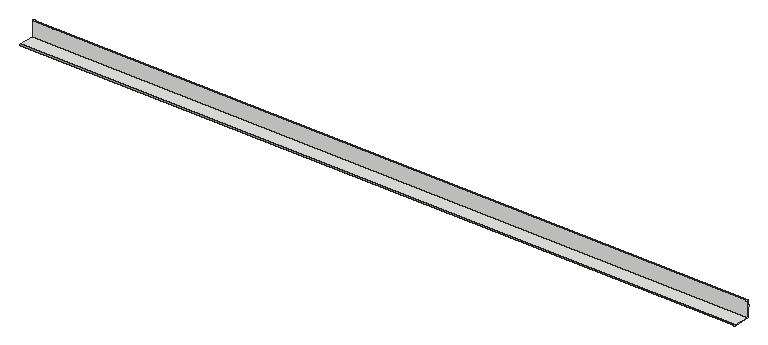
Revit family "PR31", category Mechanical Equipment, Revit 2018
Family settings
  Round Connector Dimension = Use Diameter
  Part Type = Normal
  OmniClass Number = 23.75.00.00
  OmniClass Title = Climate Control (HVAC)
  Work Plane-Based = No
  Always vertical = Yes
  Cut with Voids When Loaded = No
  Shared = No
  Room Calculation Point = No
Parameters (values of type "ISOLAMIN PR31 flashing")
  URL = "http://www.isolamin.se/"
  Thickness = "0.7 mm (Different thicknesses are available on request) \r\n0.7 mm (Different thicknesses are available on request) \r\n0.7 mm (Different thicknesses are available on request)"
  Profile Length = 1180 mm
  Model = "PR31"
  Material = "Galvanized Steel"
  Manufacturer = "ISOLAMIN AB"
  Edition = "1.0 (2018)"
Reference planes
  plane 1 "Center (Front/Back)": y = 0
  plane 2: z = 0
  plane 3 "Center (Left/Right)": x = 0
  plane 4: y = -1284.913
  plane 5: x = 1180
Forms (mm)
  Extrusion 1, solid, material "ISOLAMIN Surface Profile Material"
    sketch origin (0, 0, 0) x (0, 1, 0) y (0, 0, 1)
      loop
        line (-1.7, 26) -> (-1.7, 1.7) -> (-26, 1.7)
        arc (-26, 1.7) -> (-26.713, 0.85) -> (-26, 0) r 0.863
        line (-26, 0) -> (-16.7, 0) -> (-16.7, 1) -> (-1.7, 1)
        arc (-1.7, 1) -> (-1.205, 1.205) -> (-1, 1.7) r 0.7
        line (-1, 1.7) -> (-1, 16.7) -> (0, 16.7) -> (0, 26)
        arc (0, 26) -> (-0.85, 26.713) -> (-1.7, 26) r 0.863
    from 0 to 1180
Dimensions and locks
  "Profile Length": plane 3 "Center (Left/Right)" to plane 5
  aligned and locked: level to plane 2
  aligned and locked: plane 5 to Extrusion 1
Automatic sketch dimensions
  Extrusion 1 sketch curve to level = 0 mm
  Extrusion 1 sketch curve to plane 1 "Center (Front/Back)" = 0 mm
  plane 1 "Center (Front/Back)" to Extrusion 1 sketch curve = 0.85 mm
  plane 1 "Center (Front/Back)" to Extrusion 1 sketch curve = 1 mm
  Extrusion 1 sketch curve to Extrusion 1 sketch curve = 0.7 mm
  Extrusion 1 sketch curve to Extrusion 1 sketch curve = 0 mm
  Extrusion 1 sketch curve to Extrusion 1 sketch curve = 15 mm  (x2)
  level to Extrusion 1 sketch curve = 0.85 mm
  Extrusion 1 sketch curve to Extrusion 1 sketch curve = 9.15 mm  (x2)
  Extrusion 1 sketch curve to Extrusion 1 sketch curve = 0.15 mm  (x3)
  level to Extrusion 1 sketch curve = 1 mm
